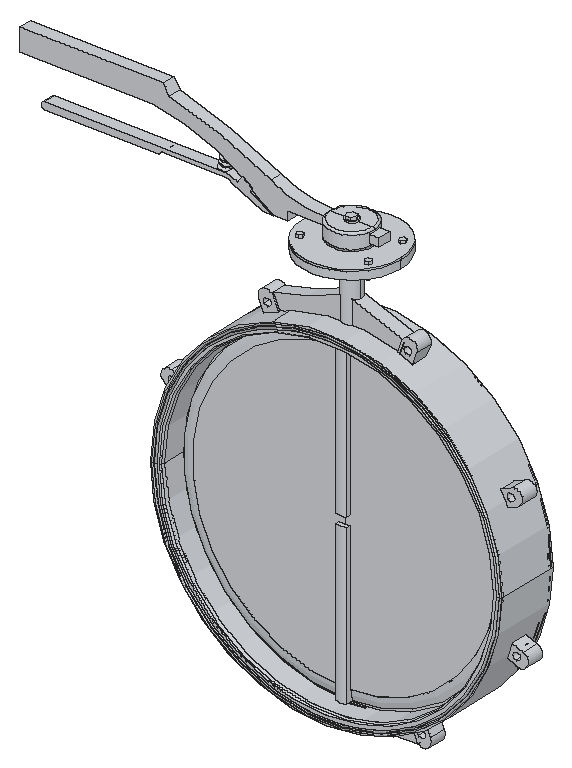
Revit family "R59FLX030", category Plumbing Fixtures, Revit 2015
Reference planes
  plane 1 "Center (Front/Back)": y = 0
  plane 2: z = 0
  plane 3 "Center (Left/Right)": x = 0
  plane 4: z = 312
  plane 5: x = -416
  plane 6: z = 414
  plane 7: z = -230
  plane 8: z = -30
  plane 9: z = 342
  plane 10: z = -30
  plane 11: y = -39.988
  plane 12: y = 39.512
  plane 13: x = -28.994
Forms (mm)
  Extrusion 1, solid
    sketch origin (0, 0, 302) x (1, 0, 0) y (0, 1, 0)
      loop
        circle (0, 0) r 62.5
    from 0 to 10
  Extrusion 2, solid
    sketch origin (0, 45.948, 31.427) x (1, 0, 0) y (0, 0, 1)
      loop
        arc (-96.679, 319.319) -> (-160.037, 348.333) -> (-226.103, 370.497) r 659.286
        line (-226.103, 370.497) -> (-233.075, 382.573) -> (-416, 382.573) -> (-416, 353.639) -> (-247.687, 353.639)
        arc (-247.687, 353.639) -> (-166.02, 330.17) -> (-97.024, 280.573) r 248.649
        line (-97.024, 280.573) -> (-75.568, 280.573) -> (-75.568, 291.199) -> (41.486, 291.199) -> (41.486, 302.179) -> (-30.767, 302.179)
        arc (-30.767, 302.179) -> (-64.704, 306.978) -> (-96.679, 319.319) r 150.722
    from 37.966 to 54.11
  Extrusion 3, solid
    sketch origin (-57.783, 45.948, -38.087) x (1, 0, 0) y (0, 0, 1)
      loop
        line (-96.037, 377.009) -> (-326.453, 377.009)
        arc (-326.453, 377.009) -> (-330.721, 372.741) -> (-326.453, 368.473) r 4.268
        line (-326.453, 368.473) -> (-181.017, 368.473) -> (-177.189, 372.301) -> (-103.305, 372.301)
        arc (-103.305, 372.301) -> (-95.507, 371.471) -> (-88.058, 369.019) r 37.057
        arc (-88.058, 369.019) -> (-68.407, 360.05) -> (-49.241, 350.087) r 421.945
        line (-49.241, 350.087) -> (-34.866, 350.087)
        arc (-34.866, 350.087) -> (-48.985, 359.43) -> (-64, 367.252) r 162.429
        line (-64, 367.252) -> (-63.437, 371.843) -> (-74.98, 380.231) -> (-80.609, 372.485)
        arc (-80.609, 372.485) -> (-88.159, 375.309) -> (-96.037, 377.009) r 55.494
    from 37.966 to 54.11
  Extrusion 4, solid
    sketch origin (0, 0, -76.95) x (1, 0, 0) y (0, 1, 0)
      loop
        circle (0, 0) r 12
    from 295.182 to 378.95
  Revolve 5, solid
    sketch origin (0, 0, 0) x (0, 1, 0) y (0, 0, 1)
      loop
        line (11.11, 0) -> (-11.11, 0) -> (-11.11, -193.677)
        arc (-11.11, -193.677) -> (-10.235, -200.828) -> (-8, -207.677) r 37.242
        line (-8, -207.677) -> (-6, -207.677) -> (-6, -210.677) -> (0, -210.677) -> (6, -210.677) -> (6, -207.677) -> (8, -207.677)
        arc (8, -207.677) -> (10.235, -200.828) -> (11.11, -193.677) r 37.242
        line (11.11, -193.677) -> (11.11, 0)
      axis (11.11, 0) -> (-11.11, 0)
    angle from 0 to 360
  Blend 6, solid
    base sketch origin (0, 0, -4.163) x (1, 0, 0) y (0, 1, 0)
      loop
        line (-6.883, 16.4) -> (-6.883, -16.4)
        arc (-6.883, -16.4) -> (0, -18.078) -> (6.883, -16.4) r 14.953
        line (6.883, -16.4) -> (6.883, 16.4)
        arc (6.883, 16.4) -> (0, 18.078) -> (-6.883, 16.4) r 14.953
    top sketch origin (0, 0, 0) x (1, 0, 0) y (0, 1, 0)
      loop
        line (-6.883, 16.4) -> (-6.883, -16.4)
        arc (-6.883, -16.4) -> (0, -18.078) -> (6.883, -16.4) r 14.953
        line (6.883, -16.4) -> (6.883, 16.4)
        arc (6.883, 16.4) -> (0, 18.078) -> (-6.883, 16.4) r 14.953
    from 10.163 to 207.645
  Blend 7, solid
    base sketch origin (0, 0, -38.601) x (0, -1, 0) y (1, 0, 0)
      loop
        line (-16.4, -6.883) -> (16.4, -6.883)
        arc (16.4, -6.883) -> (18.078, 0) -> (16.4, 6.883) r 14.953
        line (16.4, 6.883) -> (-16.4, 6.883)
        arc (-16.4, 6.883) -> (-18.078, 0) -> (-16.4, -6.883) r 14.953
    top sketch origin (0, 0, -35.117) x (0, -1, 0) y (1, 0, 0)
      loop
        line (-16.4, -6.883) -> (16.4, -6.883)
        arc (16.4, -6.883) -> (18.078, 0) -> (16.4, 6.883) r 14.953
        line (16.4, 6.883) -> (-16.4, 6.883)
        arc (-16.4, 6.883) -> (-18.078, 0) -> (-16.4, -6.883) r 14.953
    from -168.975 to 29.117
  Extrusion 8, solid
    sketch origin (-69.627, 0, 145.408) x (0.99863, 0, -0.052336) y (0.052336, 0, 0.99863)
      loop
        line (-18.251, 60.114) -> (-25.459, 74.264)
        arc (-25.459, 74.264) -> (-38.908, 78.635) -> (-43.28, 65.186) r 10
        line (-43.28, 65.186) -> (-36.072, 51.036) -> (-18.251, 60.114)
      loop
        circle (-32.1, 65.269) r 5
    from -10.546 to 10.991
  Extrusion 9, solid
    sketch origin (53.586, 0, 152.052) x (0.669131, 0, -0.743145) y (0.743145, 0, 0.669131)
      loop
        line (-18.251, 60.114) -> (-25.459, 74.264)
        arc (-25.459, 74.264) -> (-38.908, 78.635) -> (-43.28, 65.186) r 10
        line (-43.28, 65.186) -> (-36.072, 51.036) -> (-18.251, 60.114)
      loop
        circle (-32.1, 65.269) r 5
    from -10.546 to 10.991
  Extrusion 10, solid
    sketch origin (145.408, 0, 69.627) x (-0.052336, 0, -0.99863) y (0.99863, 0, -0.052336)
      loop
        line (-18.251, 60.114) -> (-25.459, 74.264)
        arc (-25.459, 74.264) -> (-38.908, 78.635) -> (-43.28, 65.186) r 10
        line (-43.28, 65.186) -> (-36.072, 51.036) -> (-18.251, 60.114)
      loop
        circle (-32.1, 65.269) r 5
    from -10.546 to 10.991
  Extrusion 11, solid
    sketch origin (152.052, 0, -53.586) x (-0.743145, 0, -0.669131) y (0.669131, 0, -0.743145)
      loop
        line (-18.251, 60.114) -> (-25.459, 74.264)
        arc (-25.459, 74.264) -> (-38.908, 78.635) -> (-43.28, 65.186) r 10
        line (-43.28, 65.186) -> (-36.072, 51.036) -> (-18.251, 60.114)
      loop
        circle (-32.1, 65.269) r 5
    from -10.546 to 10.991
  Extrusion 12, solid
    sketch origin (69.627, 0, -145.408) x (-0.99863, 0, 0.052336) y (-0.052336, 0, -0.99863)
      loop
        line (-18.251, 60.114) -> (-25.459, 74.264)
        arc (-25.459, 74.264) -> (-38.908, 78.635) -> (-43.28, 65.186) r 10
        line (-43.28, 65.186) -> (-36.072, 51.036) -> (-18.251, 60.114)
      loop
        circle (-32.1, 65.269) r 5
    from -10.546 to 10.991
  Extrusion 13, solid
    sketch origin (-53.586, 0, -152.052) x (-0.669131, 0, 0.743145) y (-0.743145, 0, -0.669131)
      loop
        line (-18.251, 60.114) -> (-25.459, 74.264)
        arc (-25.459, 74.264) -> (-38.908, 78.635) -> (-43.28, 65.186) r 10
        line (-43.28, 65.186) -> (-36.072, 51.036) -> (-18.251, 60.114)
      loop
        circle (-32.1, 65.269) r 5
    from -10.546 to 10.991
  Extrusion 14, solid
    sketch origin (-145.408, 0, -69.627) x (0.052336, 0, 0.99863) y (-0.99863, 0, 0.052336)
      loop
        line (-18.251, 60.114) -> (-25.459, 74.264)
        arc (-25.459, 74.264) -> (-38.908, 78.635) -> (-43.28, 65.186) r 10
        line (-43.28, 65.186) -> (-36.072, 51.036) -> (-18.251, 60.114)
      loop
        circle (-32.1, 65.269) r 5
    from -10.546 to 10.991
  Extrusion 15, solid
    sketch origin (-152.052, 0, 53.586) x (0.743145, 0, 0.669131) y (-0.669131, 0, 0.743145)
      loop
        line (-18.251, 60.114) -> (-25.459, 74.264)
        arc (-25.459, 74.264) -> (-38.908, 78.635) -> (-43.28, 65.186) r 10
        line (-43.28, 65.186) -> (-36.072, 51.036) -> (-18.251, 60.114)
      loop
        circle (-32.1, 65.269) r 5
    from -10.546 to 10.991
  Extrusion 16, solid
    sketch origin (80.376, -27.447, 314) x (0, -1, 0) y (1, 0, 0)
      loop
        line (3.99, -123.113) -> (0.805, -120.344) -> (-3.184, -121.718) -> (-3.99, -125.86) -> (-0.805, -128.628) -> (3.184, -127.254) -> (3.99, -123.113)
    from 0 to 3
  Extrusion 17, solid
    sketch origin (80.376, -27.447, 294) x (0, -1, 0) y (1, 0, 0)
      loop
        circle (0, -124.486) r 3
    from 2.505 to 20
  Extrusion 18, solid
    sketch origin (80.376, -27.447, 301) x (0, -1, 0) y (1, 0, 0)
      loop
        line (3.99, -123.113) -> (0.805, -120.344) -> (-3.184, -121.718) -> (-3.99, -125.86) -> (-0.805, -128.628) -> (3.184, -127.254) -> (3.99, -123.113)
      loop
        line (-3.444, -125.672) -> (-0.695, -128.061) -> (2.749, -126.876) -> (3.444, -123.301) -> (0.695, -120.911) -> (-2.749, -122.097) -> (-3.444, -125.672)
    from -1.968 to 1
  Extrusion 19, solid, not visible
    sketch origin (26.117, -96.518, 104.233) x (0, -1, 0) y (1, 0, 0)
      loop
        line (3.99, -123.113) -> (0.805, -120.344) -> (-3.184, -121.718) -> (-3.99, -125.86) -> (-0.805, -128.628) -> (3.184, -127.254) -> (3.99, -123.113)
    from 0 to 3
  Extrusion 20, solid, not visible
    sketch origin (26.117, -96.518, 84.233) x (0, -1, 0) y (1, 0, 0)
      loop
        circle (0, -124.486) r 3
    from 2.505 to 20
  Extrusion 21, solid, not visible
    sketch origin (26.117, -96.518, 91.233) x (0, -1, 0) y (1, 0, 0)
      loop
        line (3.99, -123.113) -> (0.805, -120.344) -> (-3.184, -121.718) -> (-3.99, -125.86) -> (-0.805, -128.628) -> (3.184, -127.254) -> (3.99, -123.113)
      loop
        line (-3.444, -125.672) -> (-0.695, -128.061) -> (2.749, -126.876) -> (3.444, -123.301) -> (0.695, -120.911) -> (-2.749, -122.097) -> (-3.444, -125.672)
    from -1.968 to 1
  Extrusion 22, solid
    sketch origin (0, 0, 312) x (1, 0, 0) y (0, 1, 0)
      loop
        circle (0, 0) r 62.5
    from 0 to 2
  Extrusion 23, solid
    sketch origin (80.376, -27.447, 314) x (0, -1, 0) y (1, 0, 0)
      loop
        line (-58.884, -123.113) -> (-58.079, -127.254) -> (-54.09, -128.628) -> (-50.905, -125.86) -> (-51.71, -121.718) -> (-55.7, -120.344) -> (-58.884, -123.113)
    from 0 to 3
  Extrusion 24, solid
    sketch origin (80.376, -27.447, 294) x (0, -1, 0) y (1, 0, 0)
      loop
        circle (-54.895, -124.486) r 3
    from 2.505 to 20
  Extrusion 25, solid
    sketch origin (80.376, -27.447, 301) x (0, -1, 0) y (1, 0, 0)
      loop
        line (-58.884, -123.113) -> (-58.079, -127.254) -> (-54.09, -128.628) -> (-50.905, -125.86) -> (-51.71, -121.718) -> (-55.7, -120.344) -> (-58.884, -123.113)
      loop
        line (-51.451, -125.672) -> (-52.146, -122.097) -> (-55.59, -120.911) -> (-58.339, -123.301) -> (-57.644, -126.876) -> (-54.2, -128.061) -> (-51.451, -125.672)
    from -1.968 to 1
  Extrusion 26, solid
    sketch origin (-81.626, 27.447, 314) x (0, 1, 0) y (-1, 0, 0)
      loop
        line (-58.884, -123.113) -> (-58.079, -127.254) -> (-54.09, -128.628) -> (-50.905, -125.86) -> (-51.71, -121.718) -> (-55.7, -120.344) -> (-58.884, -123.113)
    from 0 to 3
  Extrusion 27, solid
    sketch origin (-81.626, 27.447, 294) x (0, 1, 0) y (-1, 0, 0)
      loop
        circle (-54.895, -124.486) r 3
    from 2.505 to 20
  Extrusion 28, solid
    sketch origin (-81.626, 27.447, 301) x (0, 1, 0) y (-1, 0, 0)
      loop
        line (-58.884, -123.113) -> (-58.079, -127.254) -> (-54.09, -128.628) -> (-50.905, -125.86) -> (-51.71, -121.718) -> (-55.7, -120.344) -> (-58.884, -123.113)
      loop
        line (-51.451, -125.672) -> (-52.146, -122.097) -> (-55.59, -120.911) -> (-58.339, -123.301) -> (-57.644, -126.876) -> (-54.2, -128.061) -> (-51.451, -125.672)
    from -1.968 to 1
  Extrusion 29, solid
    sketch origin (-81.626, 27.447, 314) x (0, 1, 0) y (-1, 0, 0)
      loop
        line (3.99, -123.113) -> (0.805, -120.344) -> (-3.184, -121.718) -> (-3.99, -125.86) -> (-0.805, -128.628) -> (3.184, -127.254) -> (3.99, -123.113)
    from 0 to 3
  Extrusion 30, solid
    sketch origin (-81.626, 27.447, 294) x (0, 1, 0) y (-1, 0, 0)
      loop
        circle (0, -124.486) r 3
    from 2.505 to 20
  Extrusion 31, solid
    sketch origin (-81.626, 27.447, 301) x (0, 1, 0) y (-1, 0, 0)
      loop
        line (3.99, -123.113) -> (0.805, -120.344) -> (-3.184, -121.718) -> (-3.99, -125.86) -> (-0.805, -128.628) -> (3.184, -127.254) -> (3.99, -123.113)
      loop
        line (-3.444, -125.672) -> (-0.695, -128.061) -> (2.749, -126.876) -> (3.444, -123.301) -> (0.695, -120.911) -> (-2.749, -122.097) -> (-3.444, -125.672)
    from -1.968 to 1
  Extrusion 32, solid
    sketch origin (125.063, -27.447, 339.144) x (0, -1, 0) y (1, 0, 0)
      loop
        line (-32.638, -122.069) -> (-32.638, -128.062) -> (-27.447, -131.059) -> (-22.257, -128.062) -> (-22.257, -122.069) -> (-27.447, -119.072) -> (-32.638, -122.069)
    from -1.014 to 2.856
  Extrusion 33, solid
    sketch origin (124.477, -54.895, 334.2) x (0, -1, 0) y (1, 0, 0)
      loop
        circle (-54.895, -124.486) r 8
    from -22.2 to 3.931
  Sweep 34, solid
    path origin (0, 0, 0) x (1, 0, 0) y (0, 0, 1)
      loop
        circle (0, 0) r 224
    profile origin (0, 0, -224) x (0, 0, 1) y (0, -1, 0)
      loop
        line (0, 39.988) -> (0, -39.512) -> (1.687, -39.512)
        arc (1.687, -39.512) -> (2.701, -40.526) -> (3.714, -39.512) r 1.014
        line (3.714, -39.512) -> (4.987, -39.512)
        arc (4.987, -39.512) -> (6.001, -40.526) -> (7.015, -39.512) r 1.014
        line (7.015, -39.512) -> (10.888, -39.512) -> (12.517, -37.17) -> (13.454, -33.673) -> (13.454, 34.149) -> (12.517, 37.646) -> (10.888, 39.988) -> (7.015, 39.988)
        arc (7.015, 39.988) -> (6.001, 41.002) -> (4.987, 39.988) r 1.014
        line (4.987, 39.988) -> (3.714, 39.988)
        arc (3.714, 39.988) -> (2.701, 41.002) -> (1.687, 39.988) r 1.014
        line (1.687, 39.988) -> (0, 39.988)
  Extrusion 35, solid
    sketch origin (0, 0, 161.84) x (1, 0, 0) y (0, 0, 1)
      loop
        line (-88.74, 46.648) -> (68.098, 46.648) -> (75.721, 66.499)
        arc (75.721, 66.499) -> (38.034, 78.159) -> (1.583, 93.246) r 427.316
        line (1.583, 93.246) -> (1.583, 72.112) -> (-1.691, 72.112) -> (-1.691, 93.246)
        arc (-1.691, 93.246) -> (-47.244, 74.772) -> (-94.877, 62.63) r 362.553
        line (-94.877, 62.63) -> (-88.74, 46.648)
    from -7.881 to 9.454
  Extrusion 36, solid
    sketch origin (-2.813, 0.293, -84.932) x (1, 0, 0) y (0, 0, 1)
      loop
        line (99.106, -140.313) -> (90.584, -121.172) -> (-68.066, -126.713) -> (-75.631, -146.415) -> (99.106, -140.313)
    from -9.388 to 9.974
  Revolve 37, solid
    sketch origin (0, 0, 172) x (1, 0, 0) y (0, 0, 1)
      loop
        line (-26.486, 143.746) -> (0, 143.746) -> (0, 165) -> (-26.486, 165)
        arc (-26.486, 165) -> (-28.259, 164.265) -> (-28.994, 162.492) r 2.508
        line (-28.994, 162.492) -> (-28.994, 146.254)
        arc (-28.994, 146.254) -> (-28.259, 144.481) -> (-26.486, 143.746) r 2.508
      axis (0, 143.746) -> (0, 165)
    angle from 0 to 360
  Sweep 38, solid
    path origin (-68.156, 0, 338.496) x (0.978732, 0, -0.205142) y (0, 1, 0)
      loop
        circle (-92.344, 0) r 5
    profile origin (-158.536, 5, 357.439) x (0, -1, 0) y (0.205142, 0, 0.978732)
      loop
        circle (0, 0) r 2
  Sweep 39, solid
    path origin (-69.24, 0, 332.236) x (0.978732, 0, -0.205142) y (0, 1, 0)
      loop
        circle (-92.344, 0) r 5
    profile origin (-159.62, 5, 351.18) x (0, -1, 0) y (0.205142, 0, 0.978732)
      loop
        circle (0, 0) r 2
  Sweep 40, solid
    path origin (-70.258, 0, 326.62) x (0.978732, 0, -0.205142) y (0, 1, 0)
      loop
        circle (-92.344, 0) r 5
    profile origin (-160.638, 5, 345.564) x (0, -1, 0) y (0.205142, 0, 0.978732)
      loop
        circle (0, 0) r 2
  Sweep 41, solid
    path origin (-71.686, 0, 319.994) x (0.978732, 0, -0.205142) y (0, 1, 0)
      loop
        circle (-92.344, 0) r 5
    profile origin (-162.066, 5, 338.938) x (0, -1, 0) y (0.205142, 0, 0.978732)
      loop
        circle (0, 0) r 2
  Sweep 42, solid
    path origin (-0.002, 0, 0) x (1, 0, 0) y (0, 0, 1)
      loop
        circle (0, 0) r 224
    profile origin (-0.002, 0, -224) x (0, 0, 1) y (0, -1, 0)
      loop
        line (0, 39.988) -> (0, -39.512) -> (3.944, -39.512) -> (3.944, 39.988) -> (0, 39.988)
Dimensions and locks
  plane 2 to plane 4 = 312 mm
  plane 3 "Center (Left/Right)" to plane 5 = 416 mm
  level to plane 6 = 414 mm
  plane 7 to level = 230 mm
  locked: plane 4 to plane 9 at 30
  plane 12 to plane 11 = 79.5 mm
  aligned and locked: level to plane 2
